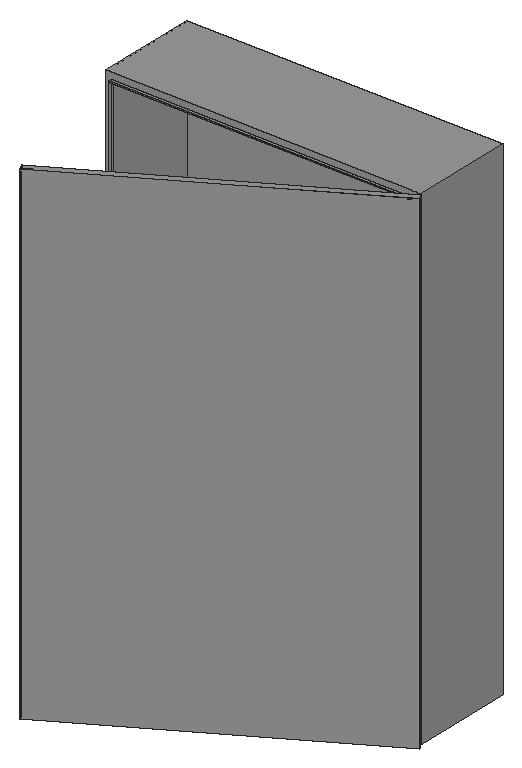
Revit family "Hager-Univers-IP55-D275-H1250-Cl.I-Steel_encl-NoHosted-CH-en", category Equipement électrique, Revit 2020
Family settings
  Configuration du panneau = Deux colonnes, circuits au sein
  Cote de connecteur circulaire = Utiliser le diamètre
  Type d'élément = Tableau de raccordement
  Basée sur le plan de construction = Oui
  Toujours verticalement = Oui
  Couper avec des vides une fois chargée = Non
  Partagée = Non
  Point de calcul de pièce = Non
Parameters (values of type "Surface mounted (plaster) IP55 W800 H1250 D275  - FR83E")
  Width Control [instance] = if([EF000008 - Width] > Min Width, [EF000008 - Width], Min Width)  # 800 mm
  Commentaires du type = [HG000003 - Range]  # "Univers"
  Thickness Door [instance] = if([EF009171 - Material plate thickness door/cover] > 3 mm, 3 mm, [EF009171 - Material plate thickness door/cover])  # 1.5 mm
  Seal Frame Offset [instance] = 17 mm  # constant formula
  Plinth Visibility [instance] = [HG000027 - Plinth height] > 0 mm  # no
  Min Width [instance] = 100 mm  # constant formula
  Min Depth [instance] = (2 * [EF009170 - Material plate thickness cabinet]) + 1 mm  # 4 mm
  Min Height [instance] = 100 mm  # constant formula
  Internal Frame Depth [instance] = (Door System Depth * 0.5)  # 9 mm
  Panel Name [instance] = ""  # (empty or 0)
  Model = ""
  HG000027 - Plinth height = 0 mm
  HG000026 - Floor standing = no
  HG000024 - Bottom section height = 600 mm
  HG000023 - Double section enclosure = no
  HG000016 - Door 3d visibility [instance] = yes
  HG000015 - Clearance visibility [instance] = no
  HG000014 - Door on the right [instance] = yes
  HG000013 - Door on the left [instance] = not([HG000014 - Door on the right])  # no
  HG000012 - Door swing angle [instance] = 30.00°
  HG000010 - Asymmetric doors = no
  HG000009 - Double swing door = no
  HG000006 - Flush mounted = no
  HG000004 - Manufacturer reference = "FR83E"
  HG000003 - Range = "Univers"
  HG000002 - With door or cover = yes
  Frame Offset Bottom [instance] = 10 mm  # constant formula
  Frame Offset [instance] = 15 mm  # constant formula
  EF015940 - Cover with overpressure release = no
  EF011959 - Degree of protection (NEMA) = ""
  EF009554 - Number of openings for flange plates = 6
  EF009212 - Cover model = "EV000116 - Closed"
  EF009171 - Material plate thickness door/cover = 1.5 mm
  EF009170 - Material plate thickness cabinet = 1.5 mm
  EF008873 - Nominal current (In) = 800 A
  EF007800 - Suitable for lightning protection = no
  EF006306 - With lock = no
  EF006244 - Transparent cover/door = no
  EF005474 - Degree of protection (IP) = "EV006420 - IP55"
  EF004464 - Type of door = "EV002646 - Single"
  EF004427 - Number of modules = 288
  EF004293 - Impact strength = "EV008784 - IK10"
  EF003532 - Suitable for outdoor use = no
  EF002950 - Width in number of modular spacings = 24
  EF001613 - Circuit integrity = "EV000494 - None"
  EF001596 - Material housing = "EV000179 - Steel"
  EF001131 - Internal depth = 275 mm
  EF001088 - Extension possible = yes
  EF000437 - Number of conduit inlets = 6
  EF000339 - Type of cover = "EV004216 - Door"
  EF000266 - Number of rows = 8
  EF000218 - Built-in depth = 0 mm
  EF000118 - With mounting plate = no
  EF000116 - RAL-number = "7035"
  EF000049 - Depth = 275 mm
  EF000040 - Height = 1250 mm
  EF000008 - Width = 800 mm
  EF000007 - Colour = "EV000270 - Grey"
  EF000003 - Mounting method = "EV000384 - Surface mounted (plaster)"
  Door System Leaf Tolerance [instance] = 1.5 mm  # constant formula
  Door System Depth [instance] = 18 mm  # constant formula
  Door Height [instance] = Height Control - [HG000027 - Plinth height]  # 1250 mm
  Description = ""
  Default Elevation = 1219.2 mm
  Connector Offset [instance] = Height Control / 2  # 625 mm
  Fabricant = "Hager"  # constant formula
  Height Control [instance] = if([EF000040 - Height] > Min Height, [EF000040 - Height], Min Height)  # 1250 mm
  Depth Control [instance] = if([EF000049 - Depth] > Min Depth, [EF000049 - Depth], Min Depth)  # 275 mm
  Bottom Top Plate Trim [instance] = 1.5 mm  # constant formula
  Plinth height Ctrl [instance] = if([HG000027 - Plinth height] > 0 mm, [HG000027 - Plinth height], 12 mm)  # 12 mm
Types (5, lengths in mm): name | Width Control | HG000010 - Asymmetric doors | HG000009 - Double swing door | HG000004 - Manufacturer reference | EF009554 - Number of openings for flange plates | EF004464 - Type of door | EF004427 - Number of modules | EF000437 - Number of conduit inlets | EF000008 - Width
  Surface mounted (plaster) IP55 W1050 H1250 D275  - FR84E | 1050 | no | yes | "FR84E" | 8 | "EV003602 - Double" | 384 | 8 | 1050
  Surface mounted (plaster) IP55 W1300 H1250 D275  - FR85E | 1300 | yes | yes | "FR85E" | 10 | "EV003602 - Double" | 480 | 10 | 1300
  Surface mounted (plaster) IP55 W300 H1250 D275  - FR81E | 300 | no | no | "FR81E" | 2 | "EV002646 - Single" | 96 | 2 | 300
  Surface mounted (plaster) IP55 W550 H1250 D275  - FR82E | 550 | no | no | "FR82E" | 4 | "EV002646 - Single" | 192 | 4 | 550
  Surface mounted (plaster) IP55 W800 H1250 D275  - FR83E | 800 | no | no | "FR83E" | 6 | "EV002646 - Single" | 288 | 6 | 800
Reference planes
  plane 1 "Center (Front/Back)": y = 0
  plane 2: z = 0
  plane 3 "Center (Left/Right)": x = 0
  plane 4: y = 0
  plane 5: y = 0
  plane 6: z = 0
  plane 7: x = -400
  plane 8: x = 400
  plane 9: x = 398.5
  plane 10: x = -398.5
  plane 11: z = 0
  plane 12: z = 1.5
  plane 13: y = -275
  plane 14: y = -1.5
  plane 15: x = 0
  plane 16: y = -257
  plane 17: y = -273.5
  plane 18: y = -255.5
  plane 19: x = -383.5
  plane 20: x = 383.5
  plane 21: z = 11.5
  plane 22: x = -383
  plane 23: x = 383
  plane 24: z = 0
  plane 25: z = 1250
  plane 26: z = 1250
  plane 27: z = 1233.5
  plane 28: z = 1248.5
Forms (mm)
  Extrusion 1, solid, material "Hager_Steel_RAL7035_Light_Grey", detail levels medium+fine
    sketch origin (-208.679, -4572, 0) x (-1, 0, 0) y (0, -1, 0)
      loop
        line (191.321, -4315) -> (-608.679, -4315) -> (-608.679, -4572) -> (191.321, -4572) -> (191.321, -4315)
    from 0 to 1250
  Extrusion 2, void
    sketch origin (-350.771, -275, 1219.2) x (1, 0, 0) y (0, 0, 1)
      loop
        line (-47.729, 29.3) -> (-47.729, -1217.7) -> (749.271, -1217.7) -> (749.271, 29.3) -> (-47.729, 29.3)
    from -19.5 to -273.5
  Extrusion 3, void
    sketch origin (-290.084, -257, 1219.2) x (1, 0, 0) y (0, 0, 1)
      loop
        line (-93.416, -1207.7) -> (673.584, -1207.7) -> (673.584, 14.3) -> (-93.416, 14.3) -> (-93.416, -1207.7)
    from 0 to -1.5
  Extrusion 4, solid, material "Hager_Steel_RAL7035_Light_Grey", visible <- "Plinth Visibility", detail levels medium+fine
    sketch origin (0, 0, 0) x (1, 0, 0) y (0, 1, 0)
      loop
        line (-400, 0) -> (-400, -257) -> (400, -257) -> (400, 0) -> (-400, 0)
    from 0 to 12 <- "Plinth height Ctrl"
  Extrusion 5, solid, material "Hager_Steel_RAL7035_Light_Grey", detail levels coarse
    sketch origin (0, 0, 0) x (1, 0, 0) y (0, 1, 0)
      loop
        line (-400, 0) -> (-400, -275) -> (400, -275) -> (400, 0) -> (-400, 0)
    from 0 to 1250 <- "Height Control"
  Sweep 6, void
    path in 3D
      loop
        line (-400, -257, 12) -> (400, -257, 12) -> (400, 0, 12) -> (-400, 0, 12) -> (-400, -257, 12)
    profile origin (-400, -128.5, 12) x (1, 0, 0) y (0, 0, 1)
      loop
        line (0, 0) -> (0, -1.5) -> (1.5, -1.5)
        arc (1.5, -1.5) -> (1.061, -0.439) -> (0, 0) r 1.5
  Extrusion 7, solid, material "Hager_Steel_RAL7035_Light_Grey", detail levels fine
    sketch origin (-400, -257, 0) x (1, 0, 0) y (0, 0, 1)
      loop
        line (16.5, 11.5) -> (783.5, 11.5) -> (783.5, 1233.5) -> (16.5, 1233.5) -> (16.5, 11.5)
      loop
        line (15, 10) -> (785, 10) -> (785, 1235) -> (15, 1235) -> (15, 10)
    from 0 to 9 <- "Internal Frame Depth"
Cuts and joins
  Extrusion 2, Extrusion 3 cuts Extrusion 1
  Sweep 6 cuts Extrusion 4
Lines and regions (mm)
  Masking region 1
    outline origin (0, 0, 0) x (1, 0, 0) y (0, 1, 0)
      loop
        line (-400, 0) -> (-400, -275) -> (400, -275) -> (400, 0) -> (-400, 0)
  Masking region 2, detail levels coarse
    outline origin (-290.084, -257, 1219.2) x (-1, 0, 0) y (0, 0, 1)
      loop
        line (-690.084, -1219.2) -> (109.916, -1219.2) -> (109.916, 30.8) -> (-690.084, 30.8) -> (-690.084, -1219.2)
  Masking region 3, detail levels coarse
    outline origin (0, 0, 0) x (0, 1, 0) y (0, 0, 1)
      loop
        line (0, 0) -> (0, 1250) -> (-275, 1250) -> (-275, 0) -> (0, 0)
  Masking region 4, visible <- "Plinth Visibility", detail levels medium+fine
    outline origin (0, 0, 0) x (0, 1, 0) y (0, 0, 1)
      loop
        line (-1.5, 12) -> (-255.5, 12)
        arc (-255.5, 12) -> (-255.939, 10.939) -> (-257, 10.5) r 1.5
        line (-257, 10.5) -> (-257, 0) -> (0, 0) -> (0, 10.5)
        arc (0, 10.5) -> (-1.061, 10.939) -> (-1.5, 12) r 1.5
  Masking region 5, detail levels medium+fine
    outline origin (0, 0, 594.038) x (0, 1, 0) y (0, 0, 1)
      loop
        line (0, -594.038) -> (0, 655.962) -> (-257, 655.962) -> (-257, -594.038) -> (0, -594.038)
  Masking region 6, detail levels medium+fine
    outline origin (-359.7, -257, 1211.883) x (-1, 0, 0) y (0, 0, 1)
      loop
        line (-759.7, -1211.883) -> (40.3, -1211.883) -> (40.3, 38.117) -> (-759.7, 38.117) -> (-759.7, -1211.883)
  Masking region 7, visible <- "Plinth Visibility", detail levels medium+fine
    outline origin (-320.334, -257, 1041.368) x (-1, 0, 0) y (0, 0, 1)
      loop
        line (-720.334, -1041.368) -> (79.666, -1041.368) -> (79.666, -1030.868)
        arc (79.666, -1030.868) -> (78.606, -1030.429) -> (78.166, -1029.368) r 1.5
        line (78.166, -1029.368) -> (-718.834, -1029.368)
        arc (-718.834, -1029.368) -> (-719.273, -1030.429) -> (-720.334, -1030.868) r 1.5
        line (-720.334, -1030.868) -> (-720.334, -1041.368)
  sketch lines
    curve 1: line (-400, 0, 12) -> (-400, -257, 12)
    curve 2: line (-400, -257, 12) -> (400, -257, 12)
    curve 3: line (400, 0, 12) -> (-400, 0, 12)
    curve 4: line (400, -257, 12) -> (400, 0, 12)
Dimensions and locks
  locked: plane 1 "Center (Front/Back)" to plane 5
  "EF009170 - Material plate thickness cabinet": plane 7 to plane 10
  "EF009170 - Material plate thickness cabinet": plane 8 to plane 9
  equal spacing: plane 7, plane 3 "Center (Left/Right)", plane 8
  "Width Control": plane 7 to plane 8
  "Depth Control": plane 4 to plane 13
  "EF009170 - Material plate thickness cabinet": plane 4 to plane 14
  "Height Control": plane 25 to level
  "HG000027 - Plinth height": plane 11 to level
  "EF009170 - Material plate thickness cabinet": plane 12 to plane 11
  "EF009170 - Material plate thickness cabinet": plane 17 to plane 13
  "EF009170 - Material plate thickness cabinet": plane 18 to plane 16
  "Frame Offset Bottom": plane 21 to plane 12
  "Frame Offset": plane 10 to plane 19
  "Frame Offset": plane 9 to plane 20
  "Door System Depth": plane 16 to plane 13
  "Seal Frame Offset": plane 7 to plane 22
  "Seal Frame Offset": plane 8 to plane 23
  "EF009170 - Material plate thickness cabinet": plane 26 to plane 28
  "Frame Offset": plane 28 to plane 27
  "Connector Offset": plane 2 to connector elem
  "Bottom Top Plate Trim": profile plane to Sweep 6 sketch curve
  "Bottom Top Plate Trim": Sweep 6 sketch curve to Sweep 6 sketch curve
  "Plinth height Ctrl": Masking region 4 sketch curve to level
  "Plinth height Ctrl": Masking region 7 sketch curve to level
  "Thickness Door": Extrusion 7 sketch curve to Extrusion 7 sketch curve  (x4)
  "Bottom Top Plate Trim": radius of Sweep 6 sketch curve
  "Bottom Top Plate Trim": radius of Masking region 4 sketch curve  (x2)
  "Bottom Top Plate Trim": radius of Masking region 7 sketch curve  (x2)
  aligned and locked: Extrusion 2 sketch curve to plane 12
  aligned and locked: Extrusion 2 sketch curve to plane 9
  aligned and locked: Extrusion 2 sketch curve to plane 10
  aligned and locked: Extrusion 2 to plane 14
  aligned and locked: Extrusion 1 sketch curve to plane 4
  aligned and locked: plane 8 to Extrusion 1 sketch curve
  aligned and locked: plane 7 to Extrusion 1 sketch curve
  aligned and locked: Extrusion 2 to plane 18
  aligned and locked: Extrusion 3 sketch curve to plane 19
  aligned and locked: plane 20 to Extrusion 3 sketch curve
  aligned and locked: Extrusion 3 to Extrusion 2
  aligned and locked: Extrusion 3 sketch curve to plane 21
  aligned and locked: plane 3 "Center (Left/Right)" to nested 1
  aligned and locked: Extrusion 1 sketch curve to plane 16
  aligned and locked: Extrusion 4 sketch curve to cut or joined group of Extrusion 1, Extrusion 2, Extrusion 3
  aligned and locked: Masking region 1 sketch curve to plane 7
  aligned and locked: Masking region 1 sketch curve to plane 5
  aligned and locked: Masking region 1 sketch curve to plane 8
  aligned and locked: Masking region 2 sketch curve to level
  aligned and locked: level to Masking region 3 sketch curve
  aligned and locked: plane 1 "Center (Front/Back)" to Masking region 3 sketch curve
  aligned and locked: plane 13 to Masking region 3 sketch curve
  aligned and locked: plane 5 to Masking region 4 sketch curve
  aligned and locked: Masking region 2 sketch curve to plane 8
  aligned and locked: Masking region 2 sketch curve to plane 7
  aligned and locked: plane 7 to nested 2
  aligned and locked: nested 2 to plane 5
  aligned and locked: plane 5 to Masking region 5 sketch curve
  aligned and locked: plane 26 to Masking region 5 sketch curve
  aligned and locked: Extrusion 5 sketch curve to plane 8
  aligned and locked: Extrusion 5 sketch curve to plane 7
  aligned and locked: Extrusion 5 sketch curve to plane 5
  aligned and locked: Extrusion 3 sketch curve to plane 27
  aligned and locked: Extrusion 2 sketch curve to plane 28
  aligned and locked: Masking region 2 to plane 25
  aligned and locked: Extrusion 4 to plane 16
  aligned and locked: profile plane to Sweep 6 sketch curve
  aligned and locked: Masking region 5 sketch curve to plane 24
  aligned and locked: level to Masking region 4 sketch curve
  aligned and locked: Masking region 1 to plane 13
  aligned and locked: nested 1 to plane 16
  aligned and locked: Masking region 3 to plane 25
  aligned and locked: plane 16 to Masking region 4 sketch curve
  aligned and locked: Masking region 5 sketch curve to plane 16
  aligned and locked: plane 24 to plane 11
  aligned and locked: plane 26 to plane 25
  aligned and locked: plane 26 to cut or joined group of Extrusion 1, Extrusion 2, Extrusion 3
  aligned and locked: nested 1 to plane 24
  aligned and locked: Extrusion 1 to Extrusion 3
  aligned and locked: Masking region 6 sketch curve to plane 8
  aligned and locked: Masking region 6 sketch curve to plane 24
  aligned and locked: Masking region 6 sketch curve to plane 7
  aligned and locked: Masking region 6 sketch curve to plane 26
  aligned and locked: Masking region 7 sketch curve to plane 7
  aligned and locked: level to Masking region 7 sketch curve
  aligned and locked: Masking region 7 sketch curve to plane 8
  aligned and locked: Extrusion 7 sketch curve to cut or joined group of Extrusion 1, Extrusion 2, Extrusion 3  (x4)
Automatic sketch dimensions
  plane 19 to Extrusion 3 sketch curve = 0 mm
  Extrusion 3 sketch curve to plane 20 = 0 mm
  Extrusion 3 sketch curve to plane 21 = 0 mm
  Extrusion 4 sketch curve to plane 7 = 0 mm
  Extrusion 4 sketch curve to plane 8 = 0 mm
  Extrusion 4 sketch curve to plane 16 = 0 mm
  Masking region 1 sketch curve to plane 13 = 0 mm
  Masking region 2 sketch curve to plane 25 = 0 mm
  Masking region 3 sketch curve to plane 25 = 0 mm
  Extrusion 5 sketch curve to plane 13 = 0 mm
  profile plane to Sweep 6 sketch curve = 0 mm
Nested families
  nested 1: "EC000058_Univers_Door" at (0, -257, 0), Double <- "HG000009 - Double swing door", Transparent <- "EF006244 - Transparent cover/door", Angle <- "HG000012 - Door swing angle", Door_Right <- "HG000014 - Door on the right", Assymetrical <- "HG000010 - Asymmetric doors", Door <- "HG000002 - With door or cover", Width_Ctrl <- "Width Control", 3d_Door <- "HG000016 - Door 3d visibility", Clearance <- "HG000015 - Clearance visibility", Door_Left <- "HG000013 - Door on the left", Width <- "Width Control", Door_Depth <- "Door System Depth", Leaf_Tolerance <- "Door System Leaf Tolerance", Height <- "Door Height", Lock_Visibility <- "EF006306 - With lock", Thickness <- "Thickness Door", type "EC000058_Univers_Door", detail levels medium+fine
    with min_wh 4 mm, Width_Ctrl 800 mm, Width 800 mm, Transparent no, Thickness 1.5 mm, Seal_Material Hager_Rubber, Lock_Visibility no, Lock_Material Hager_Plastic_RAL9005_Jet_Black, Leaf_Width 800 mm, Leaf_Tolerance_External_Sides 0 mm, Leaf_Tolerance 1.5 mm, Leaf_Offset 0 mm, Leaf_Height 1247 mm, Leaf_2_Width 800 mm, Leaf_2_Offset 400 mm, Leaf_1_Width 800 mm, Leaf_1_Offset 400 mm, Height_Ctrl 1250 mm, Height 1250 mm, Glass_Material Hager_Glass, Double_Clearance_Ctrl no, Double no, Door_Right_Ctrl yes, Door_Right yes, Door_Material Hager_Steel_RAL7035_Light_Grey, Door_Left_Ctrl no, Door_Left no, Door_Depth 18 mm, Door yes, Clearance_Material Hager_Clearance, Clearance_Depth 800 mm, Clearance_Ctrl no, Clearance no, Assymetrical no, Angle 30.00°, 3d_Door yes
  nested 2: "Hager_Enclosure_Symbol" at (-400, 0, 0), Height <- "Depth Control", Width <- "Width Control", type "Hager_Enclosure_Symbol"
    with Width_Ctrl 800 mm, Width 800 mm, Height_Ctrl 275 mm, Height 275 mm, A_Width_Int 18.047 mm, A_Width 216.562 mm, A_Height_Ctrl 240.625 mm, A_Height 240.625 mm
Connectors
  electrical at (0, 0, 625)
    settings: on plane 1 "Center (Front/Back)", index 1, voltage 0 V, apparent load 0 VA, apparent load phase1 0 VA, apparent load phase2 0 VA, apparent load phase3 0 VA, power factor 1, load classification "Other", number of poles 1, system type 30, power factor state 1, is connector primary yes, connector utility no, sub classification motor no, connector description ""
Definition of nested family "EC000058_Univers_Door"
  Parameters (values of type "EC000058_Univers_Door")
    min_wh [instance] = (2 * Thickness) + 1 mm  # 11 mm
    Width_Ctrl [instance] = 400 mm
    Width [instance] = 500 mm
    Transparent [instance] = yes
    Thickness [instance] = 5 mm
    Seal_Material [instance] = none
    Lock_Visibility [instance] = yes
    Lock_Material [instance] = none
    Leaf_Width [instance] = if((Width_Ctrl - 2 * Leaf_Tolerance_External_Sides) > 0 mm, (Width_Ctrl - 2 * Leaf_Tolerance_External_Sides), min_wh)  # 400 mm
    Leaf_Tolerance_External_Sides [instance] = 0 mm  # constant formula
    Leaf_Tolerance [instance] = 1.5 mm
    Leaf_Offset [instance] = 0 mm  # constant formula
    Leaf_Height [instance] = if((Height_Ctrl - 2 * Leaf_Tolerance) > 0 mm, (Height_Ctrl - 2 * Leaf_Tolerance), min_wh)  # 497 mm
    Leaf_2_Width [instance] = if(and(and(Double, Assymetrical), Door_Left), (Leaf_Width / 3) - (Leaf_Tolerance / 2), if(and(and(Double, Assymetrical), Door_Right), (Leaf_Width / 3) * 2 - (Leaf_Tolerance / 2), if(and(Double, not(Assymetrical)), (Leaf_Width / 2) - Leaf_Tolerance, Leaf_Width)))  # 400 mm
    Leaf_2_Offset [instance] = if(and(Double, Assymetrical), Leaf_2_Width / 2, if(and(Double, not(Assymetrical)), Leaf_Width / 4, Leaf_Width / 2))  # 200 mm
    Leaf_1_Width [instance] = if(and(and(Double, Assymetrical), Door_Right), (Leaf_Width / 3) - (Leaf_Tolerance / 2), if(and(and(Double, Assymetrical), Door_Left), (Width / 3) * 2 - (Leaf_Tolerance / 2), if(and(Double, not(Assymetrical)), (Leaf_Width / 2) - Leaf_Tolerance, Leaf_Width)))  # 400 mm
    Leaf_1_Offset [instance] = if(and(Double, Assymetrical), Leaf_1_Width / 2, if(and(Double, not(Assymetrical)), Leaf_Width / 4, Leaf_Width / 2))  # 200 mm
    Height_Ctrl [instance] = if(Height > min_wh, Height, min_wh)  # 500 mm
    Height [instance] = 500 mm
    Glass_Material [instance] = none
    Double_Clearance_Ctrl [instance] = and(Double, Clearance)  # no
    Double [instance] = no
    Door_Right_Ctrl [instance] = and(or(Door_Right, Double), Door)  # yes
    Door_Right [instance] = yes
    Door_Material [instance] = none
    Door_Left_Ctrl [instance] = and(or(Door_Left, Double), Door)  # no
    Door_Left [instance] = no
    Door_Depth [instance] = 30 mm
    Door [instance] = yes
    Default Elevation = 1219.2 mm
    Clearance_Material [instance] = none
    Clearance_Depth [instance] = if(Leaf_1_Width > Leaf_2_Width, Leaf_1_Width, Leaf_2_Width)  # 400 mm
    Clearance_Ctrl [instance] = and(not(Double), Clearance)  # yes
    Clearance [instance] = yes
    Assymetrical [instance] = yes
    Angle [instance] = 30.00°
    3d_Door [instance] = yes
  Reference planes
    plane 1 "Center (Front/Back)": y = 0
    plane 2 "Bottom": z = 0
    plane 3 "Center (Left/Right)": x = 0
    plane 4: z = 500
    plane 5: x = -200
    plane 6: x = 200
    plane 7: z = 500
    plane 8: x = -200
    plane 9: z = 0
    plane 10: x = 200
    plane 11: y = 0
    plane 12: z = 1.5
    plane 13: x = -600
    plane 14: y = -400
    plane 15: x = 600
    plane 16: x = 0
    plane 17: x = 0
    plane 18: x = -200
    plane 19: x = 200
    plane 20: z = 498.5
  Forms (mm)
    Extrusion 1, solid, material <- "Clearance_Material", visible <- "Double_Clearance_Ctrl"
      sketch origin (1200, 0, 0) x (1, 0, 0) y (0, 0, -1)
        loop
          line (-1800, -498.5) -> (-600, -498.5) -> (-600, 0) -> (-1800, 0) -> (-1800, -498.5)
      from 0 to -400
  Dimensions and locks
    equal spacing: plane 5, plane 3 "Center (Left/Right)", plane 6
    "Width_Ctrl": plane 5 to plane 6
    "Leaf_Offset": plane 5 to plane 8
    "Leaf_Offset": plane 6 to plane 10
    "Leaf_Offset": plane 9 to level
    "Leaf_Offset": plane 4 to plane 7
    "Height_Ctrl": plane 4 to level
    "Leaf_Tolerance": plane 12 to plane 9
    locked: plane 11 to plane 1 "Center (Front/Back)"
    "Leaf_1_Offset": plane 18 to plane 16
    "Leaf_2_Offset": plane 17 to plane 19
    "Leaf_1_Width": plane 13 to plane 8
    "Leaf_2_Width": plane 10 to plane 15
    "Clearance_Depth": plane 14 to plane 1 "Center (Front/Back)"
    "Leaf_Tolerance_External_Sides": plane 8 to plane 18
    "Leaf_Tolerance_External_Sides": plane 19 to plane 10
    "Leaf_Tolerance": plane 7 to plane 20
    aligned and locked: level to plane 2 "Bottom"
    aligned and locked: nested 1 to plane 16
    aligned and locked: nested 2 to plane 17
    aligned and locked: Extrusion 1 to plane 13
    aligned and locked: plane 15 to Extrusion 1
    aligned and locked: Extrusion 1 to plane 14
    aligned and locked: plane 12 to nested 1
    aligned and locked: nested 2 to plane 12
    aligned and locked: Extrusion 1 to plane 11
    aligned and locked: plane 20 to Extrusion 1
    aligned and locked: nested 2 to plane 11
    aligned and locked: nested 1 to plane 11
  Automatic sketch dimensions
    Extrusion 1 sketch curve to level = 0 mm
    plane 5 to Extrusion 1 sketch curve = 400 mm
    plane 6 to Extrusion 1 sketch curve = 400 mm
    Extrusion 1 sketch curve to plane 4 = 1.5 mm
  Nested families
    nested 1: "EC000058_Univers_Door_Leaf" at (0, 0, 1.5), Width <- "Leaf_1_Width", visible <- "Door_Left_Ctrl", Leaf_Height <- "Leaf_Height", Angle <- "Angle", 3d_Door <- "3d_Door", Transparent <- "Transparent", Clearance Material <- "Clearance_Material", Clearance <- "Clearance_Ctrl", Door_Material <- "Door_Material", Glass_Material <- "Glass_Material", Door_Depth <- "Door_Depth", Lock_Material <- "Lock_Material", Seal_Material <- "Seal_Material", Lock_Visibility <- "Lock_Visibility", Thickness <- "Thickness", type "EC000058_Univers_Door_Leaf"
      with Width 400 mm, Transparent_Glass_Offset 30 mm, Transparent_Ctrl yes, Transparent yes, Thickness 5 mm, Standard no, Seal_Material none, Seal_D2 8 mm, Seal_D1 1 mm, Offset_Internal_Frame 10 mm, Lock_Width 20 mm, Lock_Visibility_3d yes, Lock_Visibility yes, Lock_Thickness_3 3 mm, Lock_Thickness_2 1 mm, Lock_Thickness_1 3 mm, Lock_Radius_Offset_2 16 mm, Lock_Radius_Offset_1 15 mm, Lock_Radius_2 5 mm, Lock_Radius 6 mm, Lock_Offset 5 mm, Lock_Material none, Lock_Height 80 mm, Lock_Cover_Top_Offset_2d 17 mm, Lock_Cover_Height -65 mm, Leaf_Height 497 mm, Internal_Seal_Thickness 8 mm, Internal_Seal_Depth_2 4.5 mm, Internal_Frame_Depth 25 mm, Glass_Thickness -1 mm, Glass_Offset -2 mm, Glass_Material none, Door_Material none, Door_Depth 30 mm, Clearance Material none, Clearance yes, Angle_Ctrl 30.00°, Angle 30.00°, 3d_Door yes
    nested 2: "EC000058_Univers_Door_Leaf" at (0, 0, 1.5) x (-1, 0, 0) z (0, 0, 1), Width <- "Leaf_2_Width", visible <- "Door_Right_Ctrl", Leaf_Height <- "Leaf_Height", Angle <- "Angle", 3d_Door <- "3d_Door", Transparent <- "Transparent", Clearance Material <- "Clearance_Material", Clearance <- "Clearance_Ctrl", Door_Material <- "Door_Material", Glass_Material <- "Glass_Material", Door_Depth <- "Door_Depth", Lock_Material <- "Lock_Material", Seal_Material <- "Seal_Material", Lock_Visibility <- "Lock_Visibility", Thickness <- "Thickness", type "EC000058_Univers_Door_Leaf"
      with Width 400 mm, Transparent_Glass_Offset 30 mm, Transparent_Ctrl yes, Transparent yes, Thickness 5 mm, Standard no, Seal_Material none, Seal_D2 8 mm, Seal_D1 1 mm, Offset_Internal_Frame 10 mm, Lock_Width 20 mm, Lock_Visibility_3d yes, Lock_Visibility yes, Lock_Thickness_3 3 mm, Lock_Thickness_2 1 mm, Lock_Thickness_1 3 mm, Lock_Radius_Offset_2 16 mm, Lock_Radius_Offset_1 15 mm, Lock_Radius_2 5 mm, Lock_Radius 6 mm, Lock_Offset 5 mm, Lock_Material none, Lock_Height 80 mm, Lock_Cover_Top_Offset_2d 17 mm, Lock_Cover_Height -65 mm, Leaf_Height 497 mm, Internal_Seal_Thickness 8 mm, Internal_Seal_Depth_2 4.5 mm, Internal_Frame_Depth 25 mm, Glass_Thickness -1 mm, Glass_Offset -2 mm, Glass_Material none, Door_Material none, Door_Depth 30 mm, Clearance Material none, Clearance yes, Angle_Ctrl 30.00°, Angle 30.00°, 3d_Door yes
  Definition of nested family "EC000058_Univers_Door_Leaf"
    Parameters (values of type "EC000058_Univers_Door_Leaf")
      Width [instance] = 2000 mm
      Transparent_Glass_Offset [instance] = 30 mm
      Transparent_Ctrl [instance] = and(Transparent, [3d_Door])  # yes
      Transparent [instance] = yes
      Thickness [instance] = 5 mm
      Standard [instance] = and(not(Transparent), [3d_Door])  # no
      Seal_Material [instance] = none
      Seal_D2 [instance] = 8 mm  # constant formula
      Seal_D1 [instance] = 1 mm  # constant formula
      Offset_Internal_Frame [instance] = 10 mm  # constant formula
      Lock_Width [instance] = 20 mm  # constant formula
      Lock_Visibility_3d [instance] = and(Lock_Visibility, [3d_Door])  # yes
      Lock_Visibility [instance] = yes
      Lock_Thickness_3 [instance] = 3 mm  # constant formula
      Lock_Thickness_2 [instance] = 1 mm  # constant formula
      Lock_Thickness_1 [instance] = 3 mm  # constant formula
      Lock_Radius_Offset_2 [instance] = Lock_Radius_Offset_1 + 1 mm  # 16 mm
      Lock_Radius_Offset_1 [instance] = 15 mm  # constant formula
      Lock_Radius_2 [instance] = Lock_Radius - 1 mm  # 5 mm
      Lock_Radius [instance] = 6 mm  # constant formula
      Lock_Offset [instance] = 5 mm  # constant formula
      Lock_Material [instance] = none
      Lock_Height [instance] = 80 mm  # constant formula
      Lock_Cover_Top_Offset_2d [instance] = Lock_Radius_Offset_2 + 1 mm  # 17 mm
      Lock_Cover_Height [instance] = -(Lock_Height - Lock_Radius_Offset_1)  # -65 mm
      Leaf_Height [instance] = 2720.336 mm
      Internal_Seal_Thickness [instance] = 8 mm  # constant formula
      Internal_Seal_Depth_2 [instance] = 4.5 mm  # constant formula
      Internal_Frame_Depth [instance] = if(Door_Depth - Thickness > 5 mm, Door_Depth - Thickness, 5 mm)  # 25 mm
      Glass_Thickness [instance] = if(Thickness > 15 mm, Glass_Offset + 10 mm, -1 mm)  # -1 mm
      Glass_Offset [instance] = if(Thickness > 15 mm, -(Thickness + 10 mm) / 2, -2 mm)  # -2 mm
      Glass_Material [instance] = none
      Door_Material [instance] = none
      Door_Depth [instance] = 30 mm
      Default Elevation = 0 mm
      Clearance Material [instance] = none
      Clearance [instance] = yes
      Angle_Ctrl [instance] = if(Angle > 180.00°, 180.00°, Angle)  # 90.00°
      Angle [instance] = 90.00°
      3d_Door [instance] = yes
    Reference planes
      plane 1 "Center (Front/Back)": y = 0
      plane 2: z = 0
      plane 3 "Center (Left/Right)": x = 0
      plane 4: y = 2000
      plane 5: x = -1000
      plane 6: x = 1000
      plane 7: x = -3000
      plane 8: z = 2720.336
      plane 9: z = 30
      plane 10: z = 2690.336
      plane 11: x = 970
      plane 12: x = -970
      plane 13: y = -3
      plane 14: z = 107.833
      plane 15: y = -5
      plane 16: y = -223.314
      plane 17: x = -1000
      plane 18: z = 1360.168
      plane 19: y = 30
    Forms (mm)
      Extrusion 1, solid, material <- "Clearance Material", visible <- "Clearance"
        sketch origin (0, 0, 0) x (1, 0, 0) y (0, 0, 1)
          loop
            line (-3000, 2720.336) -> (-3000, 0) -> (1000, 0) -> (1000, 2720.336) -> (-3000, 2720.336)
        from 0 to -2000
      Extrusion 2, solid, material <- "Door_Material", visible <- "Standard", detail levels medium+fine
        sketch origin (-1000, 0, 0) x (0, 1, 0) y (-1, 0, 0)
          loop
            line (0, 30) -> (0, 25) -> (2000, 25) -> (2000, 30) -> (0, 30)
        from 0 to 2720.336 <- "Leaf_Height"
      Extrusion 3, solid, material <- "Door_Material", visible <- "Transparent_Ctrl", detail levels medium+fine
        sketch origin (-1000, 0, 0) x (0, 1, 0) y (-1, 0, 0)
          loop
            line (0, 25) -> (2000, 25) -> (2000, 30) -> (0, 30) -> (0, 25)
        from 0 to 2720.336 <- "Leaf_Height"
      Extrusion 4, void
        sketch origin (-1025, 2000, 0) x (0, 1, 0) y (0, 0, -1)
          loop
            line (-30, -2690.336) -> (-30, -30) -> (-1970, -30) -> (-1970, -2690.336) -> (-30, -2690.336)
        from 0 to 5 <- "Thickness"
      Sweep 5, solid, material <- "Seal_Material", visible <- "Transparent_Ctrl", detail levels fine
        path in 3D
          loop
            line (-1025, 30, 30) -> (-1025, 30, 2690.336) -> (-1025, 1970, 2690.336) -> (-1025, 1970, 30) -> (-1025, 30, 30)
        profile origin (-1025, 1000, 30) x (1, 0, 0) y (0, 0, 1)
          loop
            line (0, 0) -> (0, -8) -> (1, -8) -> (1, 0) -> (0, 0)
      Extrusion 6, solid, material <- "Glass_Material", visible <- "Transparent_Ctrl", detail levels medium+fine
        sketch origin (-1030, 0, 0) x (0, 1, 0) y (0, 0, -1)
          loop
            line (1970, -2690.336) -> (1970, -30) -> (30, -30) -> (30, -2690.336) -> (1970, -2690.336)
        from -2 <- "Glass_Offset" to -1 <- "Glass_Thickness"
      Extrusion 7, solid, material <- "Door_Material", visible <- "3d_Door", detail levels medium+fine
        sketch origin (-1025, 2000, 0) x (0, -1, 0) y (0, 0, -1)
          loop
            line (0, -2720.336) -> (2000, -2720.336) -> (2000, 0) -> (0, 0) -> (0, -2720.336)
          loop
            line (1995, -5) -> (5, -5) -> (5, -2715.336) -> (1995, -2715.336) -> (1995, -5)
        from 0 to 25 <- "Internal_Frame_Depth"
      Sweep 8, solid, material <- "Seal_Material", visible <- "Transparent_Ctrl", detail levels fine
        path in 3D
          loop
            line (-1025, 0, 0) -> (-1025, 2000, 0) -> (-1025, 2000, 2720.336) -> (-1025, 0, 2720.336) -> (-1025, 0, 0)
        profile origin (-1025, 0, 1360.168) x (1, 0, 0) y (0, 1, 0)
          loop
            line (0, 10) -> (2.975, 10)
            arc (2.975, 10) -> (4.053, 10.447) -> (4.5, 11.525) r 1.525
            line (4.5, 11.525) -> (4.5, 16.527)
            arc (4.5, 16.527) -> (4.069, 17.569) -> (3.027, 18) r 1.473
            line (3.027, 18) -> (0, 18) -> (0, 10)
      Extrusion 9, solid, material <- "Lock_Material", visible <- "Lock_Visibility_3d", detail levels fine
        sketch origin (-1030, 0, 0) x (0, 1, 0) y (0, 0, -1)
          loop
            arc (1993.5, -1400.168) -> (1994.561, -1399.729) -> (1995, -1398.668) r 1.5
            line (1995, -1398.668) -> (1995, -1320.168) -> (1975, -1320.168) -> (1975, -1398.668)
            arc (1975, -1398.668) -> (1975.439, -1399.729) -> (1976.5, -1400.168) r 1.5
            line (1976.5, -1400.168) -> (1993.5, -1400.168)
        from 3 <- "Lock_Thickness_1" to 0
      Blend 10, solid, material <- "Lock_Material", visible <- "Lock_Visibility_3d", detail levels fine
        base sketch origin (-1033, 0, 0) x (0, 1, 0) y (0, 0, -1)
          loop
            line (1975, -1320.168) -> (1975, -1398.668)
            arc (1975, -1398.668) -> (1975.439, -1399.729) -> (1976.5, -1400.168) r 1.5
            line (1976.5, -1400.168) -> (1993.5, -1400.168)
            arc (1993.5, -1400.168) -> (1994.561, -1399.729) -> (1995, -1398.668) r 1.5
            line (1995, -1398.668) -> (1995, -1320.168) -> (1975, -1320.168)
        top sketch origin (-1033, 0, 0) x (0, 1, 0) y (0, 0, -1)
          loop
            line (1976, -1320.168) -> (1976, -1398.668)
            arc (1976, -1398.668) -> (1976.146, -1399.022) -> (1976.5, -1399.168) r 0.5
            line (1976.5, -1399.168) -> (1993.5, -1399.168)
            arc (1993.5, -1399.168) -> (1993.854, -1399.022) -> (1994, -1398.668) r 0.5
            line (1994, -1398.668) -> (1994, -1320.168) -> (1976, -1320.168)
        from 0 to 1 <- "Lock_Thickness_2"
      Blend 11, solid, material <- "Lock_Material", visible <- "Lock_Visibility_3d", detail levels fine
        base sketch origin (-1034, 0, 0) x (0, 1, 0) y (0, 0, -1)
          loop
            line (1978, -1320.168) -> (1978, -1384.168)
            arc (1978, -1384.168) -> (1985, -1391.168) -> (1992, -1384.168) r 7
            line (1992, -1384.168) -> (1992, -1320.168) -> (1978, -1320.168)
        top sketch origin (-1034, 0, 0) x (0, 1, 0) y (0, 0, -1)
          loop
            line (1991, -1320.168) -> (1979, -1320.168) -> (1979, -1383.168)
            arc (1979, -1383.168) -> (1985, -1389.168) -> (1991, -1383.168) r 6
            line (1991, -1383.168) -> (1991, -1320.168)
        from 0 to 3 <- "Lock_Thickness_3"
      Extrusion 12, solid, material <- "Lock_Material", visible <- "Lock_Visibility_3d", detail levels fine
        sketch origin (-1030, 1975, 1320.168) x (1, 0, 0) y (0, -1, 0)
          loop
            line (-7, -19) -> (-7, -1) -> (0, -1) -> (0, 0) -> (-8, 0) -> (-8, -20) -> (0, -20) -> (0, -19) -> (-7, -19)
        from 0 to -65 <- "Lock_Cover_Height"
      Extrusion 13, void
        sketch origin (-1038, 1995, 1320.168) x (-1, 0, 0) y (0, 0, -1)
          loop
            line (-5, -65) -> (0, -65) -> (-5, -60) -> (-5, -65)
        from 0 to 20 <- "Lock_Width"
      Extrusion 14, void
        sketch origin (-1038, 1975, 1320.168) x (0, -1, 0) y (0, 0, -1)
          loop
            circle (-10, -15.995) r 6
          loop
            circle (-10, -15.995) r 5
        from 0 to 2
      Extrusion 15, solid, material <- "Lock_Material", visible <- "Lock_Visibility_3d", detail levels medium
        sketch origin (-1030, 0, 0) x (0, 1, 0) y (0, 0, -1)
          loop
            arc (1993.5, -1400.168) -> (1994.561, -1399.729) -> (1995, -1398.668) r 1.5
            line (1995, -1398.668) -> (1995, -1320.168) -> (1975, -1320.168) -> (1975, -1398.668)
            arc (1975, -1398.668) -> (1975.439, -1399.729) -> (1976.5, -1400.168) r 1.5
            line (1976.5, -1400.168) -> (1993.5, -1400.168)
        from 8 to 0
    Cuts and joins
      Extrusion 4 cuts Extrusion 3
      Extrusion 13, Extrusion 14 cuts Extrusion 9
      Extrusion 14 cuts Blend 11
      Extrusion 13, Extrusion 14 cuts Extrusion 12
      joined: Extrusion 9, Blend 10, Blend 11, Extrusion 12
      Extrusion 14 cuts Extrusion 15
    Lines and regions (mm)
      Masking region 1, visible <- "Lock_Visibility", detail levels fine
        outline origin (0, 0, 0) x (0, 1, 0) y (0, 0, 1)
          loop
            line (30, 1320.168) -> (33, 1320.168) -> (33, 1400.168) -> (30, 1400.168) -> (30, 1320.168)
      Masking region 2, visible <- "Lock_Visibility", detail levels fine
        outline origin (0, 3.143, 0) x (0, 1, 0) y (0, 0, 1)
          loop
            line (29.857, 1354.168) -> (30.857, 1354.168) -> (30.857, 1366.168) -> (29.857, 1366.168) -> (29.857, 1354.168)
      Masking region 3, detail levels medium+fine
        outline origin (0, 0, 0) x (0, 1, 0) y (0, 0, 1)
          loop
            line (0, 0) -> (30, 0) -> (30, 2720.336) -> (0, 2720.336) -> (0, 0)
      Masking region 4, detail levels medium+fine
        outline origin (0, 0, 0) x (1, 0, 0) y (0, 0, 1)
          loop
            line (-1000, 2720.336) -> (-1000, 0) -> (1000, 0) -> (1000, 2720.336) -> (-1000, 2720.336)
      Masking region 5, visible <- "Lock_Visibility", detail levels fine
        outline origin (-47.116, 0, 0) x (1, 0, 0) y (0, 0, 1)
          loop
            arc (1024.616, 1399.168) -> (1023.556, 1398.729) -> (1023.116, 1397.668) r 1.5
            line (1023.116, 1397.668) -> (1023.116, 1320.168) -> (1041.116, 1320.168) -> (1041.116, 1397.668)
            arc (1041.116, 1397.668) -> (1040.677, 1398.729) -> (1039.616, 1399.168) r 1.5
            line (1039.616, 1399.168) -> (1024.616, 1399.168)
      Masking region 6, visible <- "Lock_Visibility", detail levels medium+fine
        outline origin (-25, 0, 0) x (1, 0, 0) y (0, 0, 1)
          loop
            arc (1001.5, 1400.168) -> (1000.439, 1399.729) -> (1000, 1398.668) r 1.5
            line (1000, 1398.668) -> (1000, 1320.168) -> (1020, 1320.168) -> (1020, 1398.668)
            arc (1020, 1398.668) -> (1019.561, 1399.729) -> (1018.5, 1400.168) r 1.5
            line (1018.5, 1400.168) -> (1001.5, 1400.168)
      Masking region 7, visible <- "Lock_Visibility", detail levels fine
        outline origin (-73.735, 0, 0) x (1, 0, 0) y (0, 0, 1)
          loop
            line (1051.735, 1382.168) -> (1065.735, 1382.168) -> (1065.735, 1384.168)
            arc (1065.735, 1384.168) -> (1058.735, 1391.168) -> (1051.735, 1384.168) r 7
            line (1051.735, 1384.168) -> (1051.735, 1382.168)
      Masking region 8, visible <- "Lock_Visibility", detail levels fine
        outline origin (-73.735, 0, 0) x (1, 0, 0) y (0, 0, 1)
          loop
            line (1052.735, 1382.168) -> (1064.735, 1382.168) -> (1064.735, 1383.168)
            arc (1064.735, 1383.168) -> (1058.735, 1389.168) -> (1052.735, 1383.168) r 6
            line (1052.735, 1383.168) -> (1052.735, 1382.168)
      Masking region 9, visible <- "Lock_Visibility", detail levels fine
        outline origin (-25, 0, 0) x (1, 0, 0) y (0, 0, 1)
          loop
            line (1020, 1320.168) -> (1020, 1382.168) -> (1000, 1382.168) -> (1000, 1320.168) -> (1020, 1320.168)
      Masking region 10, detail levels medium+fine
        outline origin (0, 0, 0) x (1, 0, 0) y (0, 0, 1)
          loop
            circle (985, 1335.144) r 6
      Masking region 11, detail levels fine
        outline origin (0, 0, 0) x (1, 0, 0) y (0, 0, 1)
          loop
            circle (985, 1335.144) r 5
      Masking region 12, visible <- "Lock_Visibility", detail levels fine
        outline origin (0, 12.767, 0) x (0, 1, 0) y (0, 0, 1)
          loop
            line (20.233, 1320.168) -> (21.233, 1320.168) -> (21.233, 1399.168) -> (20.233, 1400.168) -> (20.233, 1320.168)
      Masking region 13, visible <- "Lock_Visibility", detail levels fine
        outline origin (0, 13.767, -10) x (0, 1, 0) y (0, 0, 1)
          loop
            line (20.233, 1330.168) -> (23.233, 1330.168) -> (23.233, 1399.168) -> (20.233, 1402.168) -> (20.233, 1330.168)
      Masking region 14, visible <- "Lock_Visibility", detail levels fine
        outline origin (0, 12.767, -10) x (0, 1, 0) y (0, 0, 1)
          loop
            line (20.233, 1330.168) -> (25.233, 1330.168) -> (25.233, 1399.305) -> (20.233, 1394.305) -> (20.233, 1330.168)
      Masking region 15, visible <- "Lock_Visibility", detail levels medium
        outline origin (0, 0, 0) x (0, 1, 0) y (0, 0, 1)
          loop
            line (30, 1320.168) -> (38, 1320.168) -> (38, 1400.168) -> (30, 1400.168) -> (30, 1320.168)
      Masking region 16, visible <- "Lock_Visibility", detail levels fine
        outline origin (-1000, 0, 0) x (0, 1, 0) y (-1, 0, 0)
          loop
            line (1975, 30) -> (1995, 30) -> (1995, 38) -> (1975, 38) -> (1975, 30)
          loop
            line (1979, 37) -> (1976, 37) -> (1976, 34) -> (1978, 34) -> (1979, 37)
          loop
            line (1994, 37) -> (1991, 37) -> (1992, 34) -> (1994, 34) -> (1994, 37)
      Masking region 17, visible <- "Lock_Visibility", detail levels medium
        outline origin (-1000, 0, 0) x (0, 1, 0) y (-1, 0, 0)
          loop
            line (1975, 30) -> (1995, 30) -> (1995, 38) -> (1975, 38) -> (1975, 30)
      symbolic lines
        curve 1: line (1000, 0, 0) -> (-3000, 0, 0)
        curve 2: arc (1000, 0, 0) -> (-1000, 2000, 0) -> (-3000, 0, 0) r 2000
        curve 4: line (-1030, 0, 0) -> (-1030, 2000, 0)
      reference lines
        curve 3: line (-1000, 0, 0) -> (-1000, 2000, 0)
      symbolic lines, detail levels medium+fine
        curve 5: line (-1030, 2000, 0) -> (-1025, 2000, 0)
        curve 7: line (-1025, 0, 0) -> (-1030, 0, 0)
        curve 8: line (-1025, 0, 0) -> (-1000, 0, 0)
        curve 9: line (-1000, 0, 0) -> (-1000, 2000, 0)
        curve 10: line (-1000, 2000, 0) -> (-1025, 2000, 0)
      symbolic lines, detail levels fine
        curve 6: line (-1025, 2000, 0) -> (-1025, 0, 0)
      sketch lines
        curve 11: line (-1025, 0, 2720.336) -> (-1025, 0, 0)
        curve 12: line (-1025, 2000, 0) -> (-1025, 0, 0)
        curve 13: line (-1025, 2000, 2720.336) -> (-1025, 2000, 0)
        curve 14: line (-1025, 0, 2720.336) -> (-1025, 2000, 2720.336)
        curve 15: line (-1025, 1970, 30) -> (-1025, 30, 30)
        curve 16: line (-1025, 30, 30) -> (-1025, 30, 2690.336)
        curve 17: line (-1025, 1970, 2690.336) -> (-1025, 1970, 30)
        curve 18: line (-1025, 30, 2690.336) -> (-1025, 1970, 2690.336)
      symbolic lines, visible <- "Transparent", detail levels medium+fine
        curve 19: line (-970, 0, 2690.336) -> (970, 0, 2690.336)
        curve 20: line (-970, 0, 30) -> (-970, 0, 2690.336)
        curve 21: line (970, 0, 30) -> (-970, 0, 30)
        curve 22: line (970, 0, 2690.336) -> (970, 0, 30)
    Dimensions and locks
      "Width": plane 1 "Center (Front/Back)" to plane 4
      equal spacing: plane 5, plane 3 "Center (Left/Right)", plane 6
      "Width": plane 5 to plane 6
      "Width": plane 7 to plane 5
      "Leaf_Height": plane 8 to level
      "Width": curve 5 to curve 3
      "Width": curve 3 to curve 3
      plane 8 to plane 10 = 30 mm
      plane 9 to level = 30 mm
      plane 12 to plane 5 = 30 mm
      plane 6 to plane 11 = 30 mm
      Extrusion 1 to Extrusion 4 sketch curve = 30 mm
      "Transparent_Glass_Offset": curve 3 to Extrusion 4 sketch curve
      "Transparent_Glass_Offset": Extrusion 4 sketch curve to cut or joined group of Extrusion 3, Extrusion 4  (x2)
      cut or joined group of Extrusion 3, Extrusion 4 to Extrusion 6 sketch curve = 30 mm
      "Transparent_Glass_Offset": cut or joined group of Extrusion 3, Extrusion 4 to Extrusion 4 sketch curve
      "Thickness": curve 6 to curve 4
      "Thickness": Extrusion 7 sketch curve to Extrusion 7 sketch curve  (x4)
      "Door_Depth": curve 4 to curve 3
      "Offset_Internal_Frame": profile plane to Sweep 8 sketch curve
      "Internal_Seal_Thickness": Sweep 8 sketch curve to Sweep 8 sketch curve
      "Internal_Seal_Depth_2": profile plane to Sweep 8 sketch curve
      "Seal_D1": profile plane to Sweep 5 sketch curve
      "Seal_D2": profile plane to Sweep 5 sketch curve
      "Thickness": Extrusion 2 sketch curve to Extrusion 2 sketch curve
      equal spacing: Extrusion 9 sketch curve, plane 18, Extrusion 9 sketch curve  (x2)
      equal spacing: Masking region 1 sketch curve, plane 18, Masking region 1 sketch curve
      "Lock_Height": Masking region 1 sketch curve to Masking region 1 sketch curve
      "Lock_Radius": Masking region 2 sketch curve to plane 18 to Masking region 2 sketch curve
      Masking region 2 sketch curve to Masking region 1 = 1 mm
      "Door_Depth": plane 19 to plane 1 "Center (Front/Back)"
      "Lock_Thickness_1": Masking region 1 sketch curve to plane 19
      "Lock_Width": Extrusion 9 sketch curve to Extrusion 9 sketch curve
      "Lock_Height": Extrusion 9 sketch curve to Extrusion 9 sketch curve
      "Lock_Offset": cut or joined group of Extrusion 3, Extrusion 4 to Extrusion 9 sketch curve
      equal spacing: plane 8, plane 18, level
      "Lock_Radius_Offset_1": Blend 11 sketch curve to Blend 10
      locked: Blend 10 to Blend 11 sketch curve at 2  (x2)
      locked: var sketch to Blend 11 sketch curve at 1  (x2)
      "Lock_Radius_Offset_2": Blend 11 sketch curve to Blend 10
      locked: Extrusion 12 sketch curve to Extrusion 12 sketch curve at 1  (x3)
      Masking region 6 sketch curve to Masking region 6 sketch curve = 80 mm
      "Lock_Height": Masking region 6 sketch curve to Masking region 6 sketch curve
      "Lock_Width": Masking region 6 sketch curve to Masking region 6 sketch curve
      locked: Masking region 6 to Masking region 5 sketch curve at 1  (x3)
      locked: Masking region 5 to Masking region 7 sketch curve at 2  (x2)
      "Lock_Radius_Offset_1": Masking region 5 to Masking region 7 sketch curve
      "Lock_Radius_Offset_2": Masking region 5 to Masking region 8 sketch curve
      locked: Masking region 7 to Masking region 8 sketch curve at 1  (x2)
      "Lock_Cover_Top_Offset_2d": Masking region 5 to Masking region 9 sketch curve
      equal spacing: Masking region 9, Masking region 10 sketch curve, Masking region 9
      equal spacing: Masking region 9, Masking region 11 sketch curve, Masking region 9
      Extrusion 15 sketch curve to Extrusion 15 sketch curve = 80 mm
      "Lock_Width": Extrusion 15 sketch curve to Extrusion 15 sketch curve
      "Lock_Height": Extrusion 15 sketch curve to Extrusion 15 sketch curve
      equal spacing: Extrusion 15 sketch curve, plane 18, Extrusion 15 sketch curve
      "Lock_Thickness_3": Masking region 13 sketch curve to Masking region 13 sketch curve
      "Lock_Height": Masking region 12 sketch curve to Masking region 12 sketch curve
      locked: Masking region 13 sketch curve to Masking region 1 at 8
      locked: Masking region 14 sketch curve to Masking region 13 at 1
      locked: Masking region 14 sketch curve to Masking region 1 at 10.863
      "Lock_Height": Masking region 15 sketch curve to Masking region 15 sketch curve
      "Lock_Offset": Extrusion 15 sketch curve to cut or joined group of Extrusion 3, Extrusion 4
      "Lock_Offset": plane 6 to Masking region 6 sketch curve
      radius of Sweep 8 sketch curve = 1.525 mm
      radius of Sweep 8 sketch curve = 1.473 mm
      radius of Extrusion 9 sketch curve = 1.5 mm  (x2)
      "Lock_Radius": radius of Extrusion 14 sketch curve
      "Lock_Radius_2": radius of Extrusion 14 sketch curve
      "Lock_Radius": radius of Masking region 10 sketch curve
      "Lock_Radius_2": radius of Masking region 11 sketch curve
      radius of Extrusion 15 sketch curve = 1.5 mm  (x2)
      "Angle_Ctrl": angle plane 1 "Center (Front/Back)" to curve 3
      locked: Masking region 12 sketch curve to Masking region 12 sketch curve (angle 45.00°)
      locked: Masking region 13 sketch curve to Masking region 13 sketch curve (angle 45.00°)
      locked: Masking region 14 sketch curve to Masking region 14 sketch curve (angle 45.00°)
      aligned and locked: level to plane 2
      aligned and locked: Extrusion 1 to curve 1
      aligned and locked: plane 6 to Extrusion 1
      aligned and locked: Extrusion 1 to plane 1 "Center (Front/Back)"
      aligned and locked: plane 4 to Extrusion 1
      aligned and locked: plane 8 to Extrusion 1
      aligned and locked: curve 7 to Extrusion 2 sketch curve
      aligned and locked: curve 5 to Extrusion 2 sketch curve
      aligned and locked: curve 7 to Extrusion 3 sketch curve
      aligned and locked: Extrusion 3 sketch curve to curve 4
      aligned and locked: Extrusion 3 sketch curve to curve 6
      aligned and locked: Extrusion 3 sketch curve to curve 5
      aligned and locked: curve 9 to curve 3
      aligned and locked: Extrusion 7 sketch curve to cut or joined group of Extrusion 3, Extrusion 4  (x4)
      aligned and locked: plane 17 to curve 3
      aligned and locked: plane 1 "Center (Front/Back)" to curve 3
      aligned and locked: plane 17 to plane 5
      aligned and locked: Sweep 8 sketch curve to profile plane
      aligned and locked: Sweep 5 sketch curve to profile plane  (x2)
      aligned and locked: Masking region 1 to Masking region 2 sketch curve
      aligned and locked: plane 19 to Masking region 1 sketch curve
      aligned and locked: plane 1 "Center (Front/Back)" to Masking region 3 sketch curve
      aligned and locked: plane 19 to Masking region 3 sketch curve
      aligned and locked: level to Masking region 3 sketch curve
      aligned and locked: Masking region 3 sketch curve to plane 8
      aligned and locked: plane 17 to Masking region 4 sketch curve
      aligned and locked: level to Masking region 4 sketch curve
      aligned and locked: Masking region 4 sketch curve to plane 8
      aligned and locked: plane 12 to curve 20
      aligned and locked: plane 10 to curve 19
      aligned and locked: plane 11 to curve 22
      aligned and locked: curve 21 to plane 9
      aligned and locked: Extrusion 2 sketch curve to cut or joined group of Extrusion 3, Extrusion 4
      aligned and locked: Blend 10 sketch curve to Extrusion 9  (x4)
      aligned and locked: Extrusion 9 to Blend 10 sketch curve
      aligned and locked: Blend 10 to Blend 11 sketch curve
      aligned and locked: Extrusion 12 sketch curve to Blend 11
      aligned and locked: Extrusion 12 sketch curve to Extrusion 9  (x4)
      aligned and locked: Masking region 5 sketch curve to Masking region 6
      aligned and locked: Masking region 9 sketch curve to Masking region 6  (x3)
      aligned and locked: Masking region 12 sketch curve to Masking region 1
      aligned and locked: Masking region 13 sketch curve to Masking region 1
      aligned and locked: Masking region 12 to Masking region 14
      aligned and locked: Masking region 14 sketch curve to Masking region 1
      aligned and locked: Masking region 15 sketch curve to Masking region 14
      aligned and locked: Masking region 13 sketch curve to Masking region 12
      aligned and locked: Masking region 16 sketch curve to cut or joined group of Extrusion 14, Extrusion 15  (x4)
      aligned and locked: Masking region 16 sketch curve to cut or joined group of Extrusion 9, Blend 10, Blend 11, Extrusion 12, Extrusion 13, Extrusion 14  (x6)
      aligned and locked: cut or joined group of Extrusion 9, Blend 10, Blend 11, Extrusion 12, Extrusion 13, Extrusion 14 to Masking region 16 sketch curve
      aligned and locked: Masking region 17 sketch curve to cut or joined group of Extrusion 14, Extrusion 15  (x3)
      aligned and locked: Masking region 17 sketch curve to cut or joined group of Extrusion 9, Blend 10, Blend 11, Extrusion 12, Extrusion 13, Extrusion 14
      aligned and locked: Masking region 9 to Masking region 8 sketch curve
      aligned and locked: Masking region 9 to Masking region 7 sketch curve
    Automatic sketch dimensions
      plane 1 "Center (Front/Back)" to curve 2 = 0 mm
      curve 2 to plane 5 = 0 mm
      Extrusion 1 sketch curve to level = 0 mm
      Extrusion 1 sketch curve to plane 7 = 0 mm
      Extrusion 1 sketch curve to plane 6 = 0 mm
      Extrusion 1 sketch curve to plane 8 = 0 mm
      Extrusion 3 to Extrusion 6 sketch curve = 30 mm  (x4)
      Masking region 4 sketch curve to plane 6 = 0 mm
      Blend 10 sketch curve to Extrusion 9 = 1.5 mm
      Blend 10 sketch curve to Extrusion 9 = 1 mm
      Extrusion 13 sketch curve to Extrusion 12 = 0 mm  (x2)
      Extrusion 12 to Extrusion 13 sketch curve = 3 mm
      Extrusion 13 sketch curve to Extrusion 12 = 5 mm
      Extrusion 14 sketch curve to Extrusion 14 sketch curve = 0 mm  (x2)
      Extrusion 14 sketch curve to Extrusion 12 = 10 mm
      Extrusion 14 sketch curve to Extrusion 12 = 15.995 mm
      Masking region 5 sketch curve to Masking region 5 sketch curve = 1.5 mm  (x2)
      Masking region 10 sketch curve to plane 18 = 25.024 mm
      Masking region 11 sketch curve to plane 18 = 25.024 mm
      plane 19 to Masking region 14 sketch curve = 3 mm
      Masking region 16 sketch curve to Masking region 16 sketch curve = 3 mm
      curve 4 to curve 3 = 0 mm
      Blend 10 to Blend 11 sketch curve = 0 mm
      Masking region 6 sketch curve to Masking region 6 sketch curve = 1.5 mm  (x2)
      Masking region 6 sketch curve to plane 18 = 40 mm
      plane 19 to Masking region 12 sketch curve = 3 mm
      Masking region 12 sketch curve to Masking region 12 sketch curve = 1 mm
      Masking region 15 sketch curve to plane 19 = 0 mm
      Masking region 15 sketch curve to plane 18 = 40 mm
      radius of Blend 10 sketch curve to Extrusion 9 = 1 mm
Definition of nested family "Hager_Enclosure_Symbol"
  Parameters (values of type "Hager_Enclosure_Symbol")
    Width_Ctrl [instance] = if(Width > 1 mm, Width, 1 mm)  # 102.27 mm
    Width [instance] = 102.27 mm
    Height_Ctrl [instance] = if(Height > 1 mm, Height, 1 mm)  # 66.5 mm
    A_Width_Int [instance] = if(A_Width / 12 > 2 mm, A_Width / 12, 2 mm)  # 4.364 mm
    A_Width [instance] = if(A_Height_Ctrl * 0.9 > 2 mm, A_Height_Ctrl * 0.9, 2 mm)  # 52.369 mm
    A_Height_Ctrl [instance] = if(A_Height > 2 mm, A_Height, 2 mm)  # 58.188 mm
    Height [instance] = 66.5 mm
    A_Height [instance] = Height - (Height / 8)  # 58.188 mm
  Reference planes
    plane 1 "Centre (avant/arrière)": y = 0
    plane 2: z = 0
    plane 3 "Centre (gauche/droite)": x = 0
    plane 4: x = 52.369
    plane 5: y = 33.042
    plane 6: y = 41.77
    plane 7: y = 66.5
    plane 8: x = 26.184
    plane 9: y = 37.406
    plane 10: x = 102.27
    plane 11: y = 66.5
    plane 12: y = 8.313
  Lines and regions (mm)
    Filled region 1, type "Solid_Black", in view "Niveau de réf."
      outline origin (0, 0, 0) x (1, 0, 0) y (0, 1, 0)
        loop
          line (52.369, 66.5) -> (33.188, 54.536) -> (45.365, 45.006) -> (52.369, 66.5)
    Filled region 2, type "Solid_Black", in view "Niveau de réf."
      outline origin (0, 0, 0) x (1, 0, 0) y (0, 1, 0)
        loop
          line (0, 0) -> (102.27, 0) -> (102.27, 66.5) -> (0, 0)
    detail lines, in view "Niveau de réf."
      curve 1: line (0, 8.313, 0) -> (26.184, 41.77, 0)
      curve 2: line (26.184, 41.77, 0) -> (26.184, 33.042, 0)
      curve 3: line (26.184, 33.042, 0) -> (52.369, 66.5, 0)
  Dimensions and locks
    "A_Width": plane 3 "Centre (gauche/droite)" to plane 4
    equal spacing: plane 3 "Centre (gauche/droite)", plane 8, plane 4
    equal spacing: plane 6, plane 9, plane 5
    equal spacing: curve 3, Filled region 1 sketch curve, Filled region 1 sketch curve
    "Height_Ctrl": plane 1 "Centre (avant/arrière)" to plane 11
    "A_Height_Ctrl": plane 11 to plane 12
    equal spacing: plane 11, plane 9, plane 12
    "A_Width_Int": plane 6 to plane 9
    "Width_Ctrl": plane 3 "Centre (gauche/droite)" to plane 10
    angle Filled region 1 sketch curve to curve 3 = 20.00°
    angle curve 3 to Filled region 1 sketch curve = 20.00°
    locked: curve 3 to Filled region 1 sketch curve (angle 90.00°)
    aligned and locked: plane 10 to Filled region 2
    aligned and locked: plane 11 to Filled region 2 sketch curve
    aligned and locked: plane 10 to Filled region 2 sketch curve
    aligned and locked: plane 3 "Centre (gauche/droite)" to curve 1
    aligned and locked: plane 12 to curve 1
    aligned and locked: plane 7 to plane 11
  Automatic sketch dimensions
    Filled region 1 sketch curve to plane 4 = 0 mm
    Filled region 1 sketch curve to plane 7 = 0 mm
    plane 1 "Centre (avant/arrière)" to Filled region 2 sketch curve = 0 mm
    Filled region 2 sketch curve to plane 3 "Centre (gauche/droite)" = 0 mm
    curve 2 to plane 6 = 0 mm
    curve 2 to plane 8 = 0 mm
    curve 3 to plane 4 = 0 mm
    curve 2 to plane 5 = 0 mm
    curve 3 to plane 7 = 0 mm
